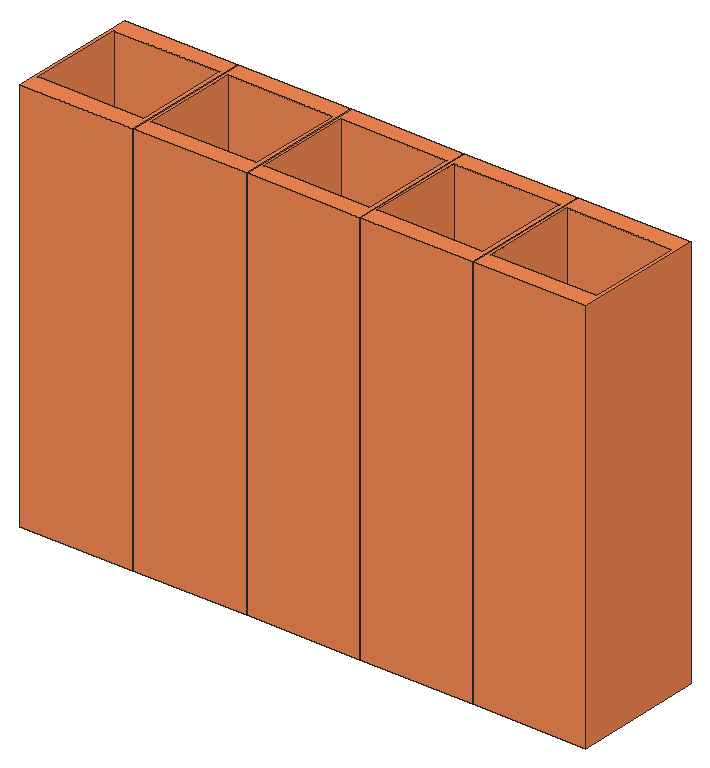
Revit family "Legrand_ElectricFireStopping_EZPathFirestopModule_Series44_Floor", category Equipement spécialisé, Revit 2020 (continued)
Dimensions and locks
  aligned and locked: Extrusion 46 to plane 106
  aligned and locked: plane 126 to Extrusion 46
  aligned and locked: plane 183 to Extrusion 47 sketch curve
  aligned and locked: Extrusion 47 sketch curve to plane 186
  aligned and locked: plane 185 to Extrusion 47 sketch curve
  aligned and locked: plane 186 to Extrusion 47 sketch curve
  aligned and locked: Extrusion 47 sketch curve to plane 191
  aligned and locked: plane 189 to Extrusion 47 sketch curve
  aligned and locked: plane 190 to Extrusion 47 sketch curve
  aligned and locked: plane 126 to Extrusion 47
  aligned and locked: Extrusion 47 to plane 127
  aligned and locked: Extrusion 48 sketch curve to plane 14
  aligned and locked: Extrusion 48 sketch curve to plane 196
  aligned and locked: Extrusion 48 sketch curve to plane 133
  aligned and locked: plane 195 to Extrusion 48 sketch curve
  aligned and locked: Extrusion 48 sketch curve to plane 132
  aligned and locked: Extrusion 48 sketch curve to plane 199
  aligned and locked: plane 198 to Extrusion 48 sketch curve
  aligned and locked: plane 126 to Extrusion 48
  aligned and locked: Extrusion 48 to plane 106
  aligned and locked: Extrusion 49 sketch curve to plane 134
  aligned and locked: Extrusion 49 sketch curve to plane 202
  aligned and locked: Extrusion 49 sketch curve to plane 201
  aligned and locked: plane 134 to Extrusion 49 sketch curve
  aligned and locked: Extrusion 49 sketch curve to Extrusion 48  (x3)
  aligned and locked: plane 126 to Extrusion 49
  aligned and locked: Extrusion 49 to plane 127
  aligned and locked: plane 132 to Extrusion 50 sketch curve
  aligned and locked: Extrusion 50 sketch curve to plane 134
  aligned and locked: Extrusion 50 sketch curve to plane 138
  aligned and locked: plane 137 to Extrusion 50
  aligned and locked: plane 139 to Extrusion 51 sketch curve
  aligned and locked: Extrusion 51 sketch curve to plane 134
  aligned and locked: plane 136 to Extrusion 51 sketch curve
  aligned and locked: plane 135 to Extrusion 51
  aligned and locked: plane 126 to Extrusion 51
  aligned and locked: Extrusion 51 to plane 140
  aligned and locked: Extrusion 50 to plane 106
  aligned and locked: plane 126 to Extrusion 50
  aligned and locked: Extrusion 52 sketch curve to plane 172
  aligned and locked: Extrusion 52 sketch curve to Extrusion 43
  aligned and locked: Extrusion 52 sketch curve to Extrusion 42
  aligned and locked: plane 173 to Extrusion 52 sketch curve
  aligned and locked: Extrusion 52 sketch curve to plane 166
  aligned and locked: Extrusion 52 sketch curve to plane 165
  aligned and locked: plane 171 to Extrusion 52 sketch curve
  aligned and locked: plane 168 to Extrusion 52
  aligned and locked: plane 126 to Extrusion 52
  aligned and locked: Extrusion 52 to plane 127
  aligned: Extrusion 44 to plane 127
  aligned and locked: plane 192 to Extrusion 53 sketch curve
  aligned and locked: Extrusion 53 sketch curve to Extrusion 47
  aligned and locked: plane 191 to Extrusion 53
  aligned and locked: Extrusion 53 to plane 190
  aligned: Extrusion 53 to plane 127
  aligned and locked: plane 126 to Extrusion 53
  aligned and locked: Extrusion 41 to plane 140
  aligned and locked: Extrusion 44 to plane 140
  aligned and locked: Extrusion 53 to plane 140
  aligned and locked: Extrusion 33 to Extrusion 34
Automatic sketch dimensions
  Extrusion 2 sketch curve to plane 10 = 0.000000 mm
  Extrusion 2 sketch curve to plane 38 = 117.475000 mm
  Extrusion 3 sketch curve to plane 8 = 0.000000 mm
  Extrusion 3 sketch curve to plane 38 = 117.475000 mm
  Extrusion 26 sketch curve to plane 76 = 0.000000 mm
  plane 75 to Extrusion 26 sketch curve = 0.000000 mm
  Extrusion 27 sketch curve to plane 76 = 0.000000 mm
  plane 75 to Extrusion 27 sketch curve = 0.000000 mm
  Extrusion 28 sketch curve to plane 76 = 0.000000 mm
  plane 75 to Extrusion 28 sketch curve = 0.000000 mm
  Extrusion 32 sketch curve to plane 94 = 0.000000 mm
  Extrusion 38 sketch curve to plane 148 = 0.000000 mm
  Extrusion 40 sketch curve to plane 148 = 0.000000 mm
  plane 160 to Extrusion 42 sketch curve = 0.000000 mm  (x2)
  plane 163 to Extrusion 42 sketch curve = 0.000000 mm
  Extrusion 42 sketch curve to plane 161 = 0.000000 mm
  plane 164 to Extrusion 42 sketch curve = 0.000000 mm
  Extrusion 48 sketch curve to plane 197 = 0.000000 mm
  Extrusion 49 sketch curve to plane 200 = 0.000000 mm
  plane 184 to Extrusion 47 sketch curve = 0.000000 mm
  plane 137 to Extrusion 50 sketch curve = 0.000000 mm
  plane 135 to Extrusion 51 sketch curve = 0.000000 mm
  plane 168 to Extrusion 52 sketch curve = 0.000000 mm
  Extrusion 53 sketch curve to plane 190 = 0.000000 mm
  plane 191 to Extrusion 53 sketch curve = 0.000000 mm
Types (8, lengths in mm): name | group 2 device No | group 2 device 3 | group 1 device No | group 2 device 4 | group 2 device 2 | group 2 device 1 | group 1 device 3 | group 1 device 2 | group 1 device 4 | group 1 Upper Plate | group 2 Upper Plate | UpperPlateWidthBank1Centerline | UpperPlateWidthBank1 | Upper Plate No | UpperPlateFlangeThk | UpperPlateAboveLowerPlate | UpperPlateWidth | UpperPlateBackWidthThkBank1Centerline | UpperPlateBackWidthThkBank1 | UpperPlateBackWidthThk | UpperPlateBackPlateWidthBank1Centerline | UpperPlateBackPlateWidthBank1 | UpperPlateBackPlateWidth | UpperPlateBackFlangeThk | TypeName | Commentaires du type | Size | SecondaryModelNumberBrackets | NominalWidth | NoOfDevices | ModelNumberBrackets | Base Plate ON OFF | BasePlateFillerPlateWidth | BasePlateFillerPlateLength | BasePlateCenterlineLength | BasePlateAboveFloor | BasePlateWidthCutout | BasePlateWidth | BasePlateLength | FloorWidthOpening | EZPathAboveFloor | EZPathWidthCenterlineGroup2 | EZPathWidthCenterlineGroup1 | EZPathHeightCenterlineGroup4 | EZPathHeightCenterlineGroup3 | Base Plate Filler Plate No | Base Plate Filler Plate 1 | Base Plate | BIMObjectName
  5 Devices Cast In Place (Concrete Floors Only) (Series 44) Réf 5 x 250058 + 350704 | 1 | no | 4 | no | no | yes | yes | yes | yes | no | no | 0.000000 | 101.600000 | 0 | 1.587500 | 41.275000 | 101.600000 | 1.587500 | 104.775000 | 127.000000 | 12.700000 | 127.000000 | 104.775000 | 1.587500 | "5 Devices Cast In Place (Concrete Floors Only) (Series 44)" | "5 Devices Cast In Place (Concrete Floors Only) (Series 44)" | "117x508mm" | "EZP544MBE" | 508.000000 | 5 | "CM350704" | 0 | 406.400000 | 31.750000 | 136.525000 | 6.350000 | 101.600000 | 263.525000 | 273.050000 | 508.000000 | 50.006250 | 152.400000 | 50.800000 | 0.000000 | 0.000000 | 0 | no | no | "Legrand_ElectricFireStopping_EZPathFirestopModule_Series44_Floor_5DeviceCastInPlace"
  4 Devices Cast In Place (Concrete Floors Only) (Series 44) Réf 4 x 250058 + 350704 | 0 | no | 4 | no | no | no | yes | yes | yes | no | no | 0.000000 | 101.600000 | 0 | 1.587500 | 41.275000 | 101.600000 | 1.587500 | 104.775000 | 127.000000 | 12.700000 | 127.000000 | 104.775000 | 1.587500 | "4 Devices Cast In Place (Concrete Floors Only) (Series 44)" | "4 Devices Cast In Place (Concrete Floors Only) (Series 44)" | "117x406mm" | "EZP544MBE" | 406.400000 | 4 | "CM350704" | 0 | 406.400000 | 31.750000 | 136.525000 | 6.350000 | 101.600000 | 263.525000 | 273.050000 | 406.400000 | 50.006250 | 0.000000 | 0.000000 | 0.000000 | 0.000000 | 0 | no | no | "Legrand_ElectricFireStopping_EZPathFirestopModule_Series44_Floor_4DeviceCastInPlace"
  3 Devices Cast In Place (Concrete Floors Only) (Series 44) Réf 3 x 250058 + 350704 | 0 | no | 3 | no | no | no | yes | yes | no | no | no | 0.000000 | 101.600000 | 0 | 1.587500 | 41.275000 | 101.600000 | 1.587500 | 104.775000 | 127.000000 | 12.700000 | 127.000000 | 104.775000 | 1.587500 | "3 Devices Cast In Place (Concrete Floors Only) (Series 44)" | "3 Devices Cast In Place (Concrete Floors Only) (Series 44)" | "117x305mm" | "EZP544MBE" | 304.800000 | 3 | "CM350704" | 0 | 406.400000 | 31.750000 | 136.525000 | 6.350000 | 101.600000 | 263.525000 | 273.050000 | 304.800000 | 50.006250 | 0.000000 | 50.800000 | 0.000000 | 0.000000 | 0 | no | no | "Legrand_ElectricFireStopping_EZPathFirestopModule_Series44_Floor_3DeviceCastInPlace"
  2 Devices Cast In Place (Concrete Floors Only) (Series 44) Réf 2 x 250058 + 350704 | 0 | no | 2 | no | no | no | no | yes | no | no | no | 0.000000 | 101.600000 | 0 | 1.587500 | 41.275000 | 101.600000 | 1.587500 | 104.775000 | 127.000000 | 12.700000 | 127.000000 | 104.775000 | 1.587500 | "2 Devices Cast In Place (Concrete Floors Only) (Series 44)" | "2 Devices Cast In Place (Concrete Floors Only) (Series 44)" | "117x203mm" | "EZP544MBE" | 203.200000 | 2 | "CM350704" | 0 | 406.400000 | 31.750000 | 136.525000 | 6.350000 | 101.600000 | 263.525000 | 273.050000 | 203.200000 | 50.006250 | 0.000000 | 0.000000 | 0.000000 | 0.000000 | 0 | no | no | "Legrand_ElectricFireStopping_EZPathFirestopModule_Series44_Floor_2DeviceCastInPlace"
  2 Bank European Floor Grid – Side by Side (Series 44) Réf 250058 + 250380 | 4 | yes | 4 | yes | yes | yes | yes | yes | yes | yes | yes | 203.200000 | 406.400000 | 2 | 32.543750 | 32.543750 | 406.400000 | 239.712500 | 479.425000 | 479.425000 | 239.712500 | 479.425000 | 479.425000 | 32.543750 | "2 Bank European Floor Grid – Side by Side (Series 44)" | "2 Bank European Floor Grid – Side by Side (Series 44)" | "117x974mm" | "EZG844T" | 973.931250 | 8 | "CM250380" | 1 | 161.131250 | 117.475000 | 71.437500 | 11.112500 | 973.931250 | 1135.062500 | 210.343750 | 973.931250 | 100.806250 | 283.765625 | 283.765625 | 113.109375 | 113.109375 | 1 | yes | yes | "Legrand_ElectricFireStopping_EZPathFirestopModule_Series44_Floor_2BankGridSideBySide_European"
  1 Bank European Floor Grid (Series 44) Réf 4 x 250058 + 250370 | 0 | no | 4 | no | no | no | yes | yes | yes | yes | no | 203.200000 | 406.400000 | 1 | 32.543750 | 32.543750 | 406.400000 | 239.712500 | 479.425000 | 479.425000 | 239.712500 | 479.425000 | 479.425000 | 32.543750 | "1 Bank European Floor Grid (Series 44)" | "1 Bank European Floor Grid (Series 44)" | "117x406mm" | "EZG444T" | 406.400000 | 4 | "CM250370" | 1 | 406.400000 | 31.750000 | 71.437500 | 11.112500 | 406.400000 | 567.531250 | 210.343750 | 406.400000 | 100.806250 | 0.000000 | 0.000000 | 0.000000 | 0.000000 | 0 | no | yes | "Legrand_ElectricFireStopping_EZPathFirestopModule_Series44_Floor_1BankGrid_European"
  1 Device European Floor Plate (Series 44) Réf 250058 + 250260 | 0 | no | 1 | no | no | no | no | no | no | yes | no | 0.000000 | 101.600000 | 1 | 32.543750 | 32.543750 | 101.600000 | 12.700000 | 127.000000 | 127.000000 | 12.700000 | 127.000000 | 104.775000 | 32.543750 | "1 Device European Floor Plate (Series 44)" | "1 Device European Floor Plate (Series 44)" | "117x102mm" | "EZG144T" | 101.600000 | 1 | "CM250260" | 1 | 406.400000 | 31.750000 | 136.525000 | 11.112500 | 101.600000 | 263.525000 | 273.050000 | 101.600000 | 100.806250 | 0.000000 | 50.800000 | 0.000000 | 0.000000 | 0 | no | yes | "Legrand_ElectricFireStopping_EZPathFirestopModule_Series44_Floor_1DeviceFloorPlate_European"
  1 Device Cast In Place (Grouted) (Series 44) Réf 250058 + 350703 | 0 | no | 1 | no | no | no | no | no | no | no | no | 0.000000 | 101.600000 | 0 | 1.587500 | 41.275000 | 101.600000 | 1.587500 | 104.775000 | 127.000000 | 12.700000 | 127.000000 | 104.775000 | 1.587500 | "1 Device Cast In Place (Grouted) (Series 44)" | "1 Device Cast In Place (Grouted) (Series 44)" | "117x102mm" | "EZP144MBE" | 101.600000 | 1 | "CM350703" | 0 | 406.400000 | 31.750000 | 136.525000 | 6.350000 | 101.600000 | 263.525000 | 273.050000 | 101.600000 | 50.006250 | 0.000000 | 50.800000 | 0.000000 | 0.000000 | 0 | no | no | "Legrand_ElectricFireStopping_EZPathFirestopModule_Series44_Floor_1DeviceCastInPlace"
